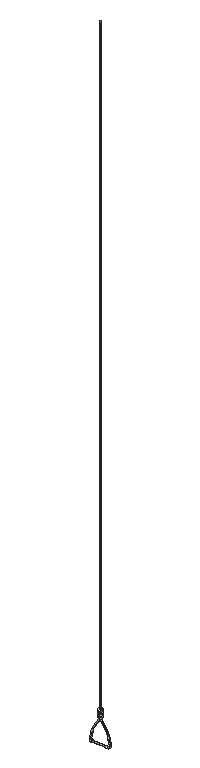
Revit family "Wire-HunterDouglas-Natura-Plank_and_Tile", category Specialty Equipment, Revit 2013
Parameters (values of type "Parametric")
  Wire Hanger = Metal - Aluminum Frame - HunterDouglas - Painted White
  URL = "http://www.hunterdouglascontract.com/ceilings/index.jsp"
  Subcategory = "Natura Wood"  # constant formula
  Product Line = "NaturaPlank_Tile"  # constant formula
  Perforations = "http://www.hunterdouglascontract.com/ceilings/woodwright/naturaplanktile/index.jsp?t=perfPage"
  Model = "NaturaPlank_Tile-Hanger Rod"  # constant formula
  Manufacturer = "Hunter Douglas Luxalon Metal Ceilings"  # constant formula
  Hanger Wire Height [instance] = 3' - 0"
  Description = "Hanger Rod"  # constant formula
  Color Finishes = "http://www.hunterdouglascontract.com/ceilings/woodwright/naturaplanktile/index.jsp?t=colorPage"
  Assembly Code = "C3030200"
  95 CSI = "09510"  # constant formula
  04 CSI = "09 51 00"  # constant formula
Reference planes (in)
  plane 1 "Center (Front/Back)": y = 0
  plane 2: z = 0
  plane 3 "Center (Left/Right)": x = 0
  plane 4: x = -0.77248
  plane 5: x = 0.77248
  plane 6: z = 2.4375
  plane 7: z = 2.5
  plane 8: z = 36
  plane 9: through (0, 0, 48) normal (0.7071, -0.7071, 0)
  plane 10: through (0, 0, 48) normal (0.7071, 0.7071, 0)
Dimensions and locks (in)
  equal spacing: plane 4, plane 3 "Center (Left/Right)", plane 5
  plane 4 to plane 5 = 0' - 1.54495"
  locked: plane 6 to plane 7 at 0.0625
  locked: plane 6 to level at 2.4375
  "Hanger Wire Height": plane 8 to level
  aligned and locked: level to plane 2
  aligned and locked: plane 1 "Center (Front/Back)" to nested 1
  aligned and locked: plane 3 "Center (Left/Right)" to nested 1
  aligned and locked: plane 6 to nested 1
Nested families (in)
  nested 1: "Hanger" at (0, 0, 0), Hanger Wire Height <- "Hanger Wire Height", type "Parametric"
    with Hanger Wire Height 3' - 0"
Definition of nested family "Hanger"
  Parameters (values of type "Parametric")
    URL = "http://www.hunterdouglascontract.com/ceilings/index.jsp"
    Subcategory = "Natura Wood"  # constant formula
    Product Line = "NaturaPlank_Tile"  # constant formula
    Model = "NaturaPlank_Tile-Hanger Rod"  # constant formula
    Material = Metal - Aluminum Frame - HunterDouglas - Painted White
    Manufacturer = "Hunter Douglas Luxalon Metal Ceilings"  # constant formula
    Hanger Wire Height [instance] = 3' - 0"
    Description = "Hanger Rod"  # constant formula
    Assembly Code = "C3030200"
    95 CSI = "09510"  # constant formula
    04 CSI = "09 51 00"  # constant formula
  Reference planes (in)
    plane 1 "Center (Front/Back)": y = 0
    plane 2: z = 0
    plane 3 "Center (Left/Right)": x = 0
    plane 4: x = -0.77248
    plane 5: x = 0.77248
    plane 6: z = 2.4375
    plane 7: z = 2.5
    plane 8: z = 36
    plane 9: through (0, 0, 48) normal (0.7071, -0.7071, 0)
    plane 10: through (0, 0, 48) normal (0.7071, 0.7071, 0)
  Dimensions and locks (in)
    equal spacing: plane 4, plane 3 "Center (Left/Right)", plane 5
    plane 4 to plane 5 = 0' - 1.54495"
    locked: plane 6 to plane 7 at 0.0625
    locked: plane 6 to level at 2.4375
    "Hanger Wire Height": plane 8 to level
    aligned and locked: level to plane 2
    aligned and locked: plane 1 "Center (Front/Back)" to nested 1
    aligned and locked: plane 6 to nested 1
    aligned and locked: plane 3 "Center (Left/Right)" to nested 1
  Nested families (in)
    nested 1: "Hanger" at (0, 0, 0), type "Parametric"
  Definition of nested family "Hanger"
    Parameters (values of type "Parametric")
      URL = "http://www.hunterdouglascontract.com/ceilings/index.jsp"
      Subcategory = "Natura Wood"  # constant formula
      Product Line = "NaturaPlank_Tile"  # constant formula
      Model = "NaturaPlank_Tile-Hanger Rod"  # constant formula
      Material = Metal - Aluminum Frame - HunterDouglas - Painted White
      Manufacturer = "Hunter Douglas Luxalon Metal Ceilings"  # constant formula
      HangerWire Length = 3' - 0"
      Description = "Hanger Rod"  # constant formula
      Assembly Code = "C3030200"
      95 CSI = "09510"  # constant formula
      04 CSI = "09 51 00"  # constant formula
    Reference planes (in)
      plane 1 "Center (Front/Back)": y = 0
      plane 2: z = 0
      plane 3 "Center (Left/Right)": x = 0
      plane 4: x = -0.77248
      plane 5: x = 0.77248
      plane 6: z = 2.4375
      plane 7: z = 2.5
      plane 8: z = 36
      plane 9: through (0, 0, 48) normal (0.7071, -0.7071, 0)
      plane 10: through (0, 0, 48) normal (0.7071, 0.7071, 0)
    Forms (in)
      Sweep 1, solid, material "Metal - Aluminum Frame - HunterDouglas - Painted White" <- "Material", detail levels fine
        path origin (0, 0, 0) x (1, 0, 0) y (0, 0, 1)
          loop
            line (0.03125, 36) -> (0.03125, 3.70793) -> (0.38236, 3.14135)
            arc (0.38236, 3.14135) -> (0.44435, 3.01623) -> (0.48166, 2.88166) r 0.73777
            line (0.48166, 2.88166) -> (0.5376, 2.56649)
            arc (0.5376, 2.56649) -> (0.51364, 2.47677) -> (0.42949, 2.4375) r 0.1098
            line (0.42949, 2.4375) -> (-0.42976, 2.4375)
            arc (-0.42976, 2.4375) -> (-0.51374, 2.47669) -> (-0.53765, 2.56622) r 0.10957
            line (-0.53765, 2.56622) -> (-0.48246, 2.87715)
            arc (-0.48246, 2.87715) -> (-0.44395, 3.01607) -> (-0.37995, 3.14524) r 0.76163
            line (-0.37995, 3.14524) -> (-0.0384, 3.69638)
        profile origin (-0.00014, 0, 2.4375) x (0, 0, -1) y (0, -1, 0)
          loop
            circle (-0.03125, 0) r 0.03125
      Revolve 2, solid, material "Metal - Aluminum Frame - HunterDouglas - Painted White" <- "Material", detail levels fine
        sketch origin (-1.10243, 0, 0.17393) x (0.947216, 0, -0.320596) y (0.320596, 0, 0.947216)
          loop
            line (-0.19925, 4.08974) -> (-0.26999, 4.08974)
            arc (-0.26999, 4.08974) -> (-0.30124, 4.05849) -> (-0.26999, 4.02724) r 0.03125
            line (-0.26999, 4.02724) -> (-0.19925, 4.02724) -> (-0.19925, 4.08974)
          axis (-0.19925, 4.02724) -> (-0.19925, 4.08974)
        angle from 0 to 360
      Revolve 3, solid, material "Metal - Aluminum Frame - HunterDouglas - Painted White" <- "Material", detail levels fine
        sketch origin (-1.10243, 0, 0.1083) x (0.947216, 0, -0.320596) y (0.320596, 0, 0.947216)
          loop
            line (-0.19925, 4.08974) -> (-0.26999, 4.08974)
            arc (-0.26999, 4.08974) -> (-0.30124, 4.05849) -> (-0.26999, 4.02724) r 0.03125
            line (-0.26999, 4.02724) -> (-0.19925, 4.02724) -> (-0.19925, 4.08974)
          axis (-0.19925, 4.02724) -> (-0.19925, 4.08974)
        angle from 0 to 360
      Revolve 4, solid, material "Metal - Aluminum Frame - HunterDouglas - Painted White" <- "Material", detail levels fine
        sketch origin (-1.10243, 0, 0.04197) x (0.947216, 0, -0.320596) y (0.320596, 0, 0.947216)
          loop
            line (-0.19925, 4.08974) -> (-0.26999, 4.08974)
            arc (-0.26999, 4.08974) -> (-0.30124, 4.05849) -> (-0.26999, 4.02724) r 0.03125
            line (-0.26999, 4.02724) -> (-0.19925, 4.02724) -> (-0.19925, 4.08974)
          axis (-0.19925, 4.02724) -> (-0.19925, 4.08974)
        angle from 0 to 360
      Revolve 5, solid, material "Metal - Aluminum Frame - HunterDouglas - Painted White" <- "Material", detail levels fine
        sketch origin (-1.10243, 0, -0.02402) x (0.947216, 0, -0.320596) y (0.320596, 0, 0.947216)
          loop
            line (-0.19925, 4.08974) -> (-0.26999, 4.08974)
            arc (-0.26999, 4.08974) -> (-0.30124, 4.05849) -> (-0.26999, 4.02724) r 0.03125
            line (-0.26999, 4.02724) -> (-0.19925, 4.02724) -> (-0.19925, 4.08974)
          axis (-0.19925, 4.02724) -> (-0.19925, 4.08974)
        angle from 0 to 360
      Revolve 6, solid, material "Metal - Aluminum Frame - HunterDouglas - Painted White" <- "Material", detail levels fine
        sketch origin (-1.10243, 0, -0.09) x (0.947216, 0, -0.320596) y (0.320596, 0, 0.947216)
          loop
            line (-0.19925, 4.08974) -> (-0.26999, 4.08974)
            arc (-0.26999, 4.08974) -> (-0.30124, 4.05849) -> (-0.26999, 4.02724) r 0.03125
            line (-0.26999, 4.02724) -> (-0.19925, 4.02724) -> (-0.19925, 4.08974)
          axis (-0.19925, 4.02724) -> (-0.19925, 4.08974)
        angle from 0 to 360
      Revolve 7, solid, material "Metal - Aluminum Frame - HunterDouglas - Painted White" <- "Material", detail levels fine
        sketch origin (-1.10243, 0, -0.15751) x (0.947216, 0, -0.320596) y (0.320596, 0, 0.947216)
          loop
            line (-0.19925, 4.08974) -> (-0.26999, 4.08974)
            arc (-0.26999, 4.08974) -> (-0.30124, 4.05849) -> (-0.26999, 4.02724) r 0.03125
            line (-0.26999, 4.02724) -> (-0.19925, 4.02724) -> (-0.19925, 4.08974)
          axis (-0.19925, 4.02724) -> (-0.19925, 4.08974)
        angle from 0 to 360
    Cuts and joins
      joined: Sweep 1, Revolve 3, Revolve 5, Revolve 7
    Lines and regions (in)
      model lines, style "Wire", detail levels coarse+medium
        curve 1: line (0, 0, 36) -> (0, 0, 2.5)
      symbolic lines, style "Wire", detail levels fine
        curve 2: line (-0.50903, 0.03125, 0) -> (-0.08588, 0.03125, 0)
        curve 3: line (0.50903, -0.03126, 0) -> (0.10541, -0.03126, 0)
        curve 4: arc (0.50903, 0.03125, 0) -> (0.54029, 0, 0) -> (0.50903, -0.03126, 0) r 0.03125
        curve 5: arc (-0.50903, 0.03125, 0) -> (-0.54029, 0, 0) -> (-0.50903, -0.03126, 0) r 0.03125
        curve 6: circle (0.00977, 0, 0) r 0.10062 normal (0, 0, 1)
        curve 7: circle (0, 0, 0) r 0.03125 normal (0, 0, 1)
        curve 8: line (0.10541, 0.03125, 0) -> (0.50903, 0.03125, 0)
        curve 9: line (-0.08587, -0.03126, 0) -> (-0.50903, -0.03126, 0)
        curve 43: line (-0.03122, 0, 36) -> (0.03122, 0, 36)
        curve 44: line (0.03122, 0, 36) -> (0.03122, 0, 4.1081)
        curve 45: line (-0.04684, 0, 4.13498) -> (0.08788, 0, 4.08859)
        curve 46: line (-0.07537, 0, 4.07858) -> (0.06749, 0, 4.02939)
        curve 47: arc (0.08788, 0, 4.08859) -> (0.10729, 0, 4.0488) -> (0.06749, 0, 4.02939) r 0.03131
        curve 48: arc (-0.04684, 0, 4.13498) -> (-0.08569, 0, 4.11922) -> (-0.07537, 0, 4.07858) r 0.0319
        curve 49: arc (0.08788, 0, 4.02237) -> (0.10784, 0, 3.98437) -> (0.0711, 0, 3.96216) r 0.03131
        curve 50: arc (-0.04684, 0, 4.06876) -> (-0.08551, 0, 4.05335) -> (-0.07602, 0, 4.01282) r 0.0319
        curve 51: line (-0.07602, 0, 4.01282) -> (0.0711, 0, 3.96216)
        curve 52: arc (0.08788, 0, 3.95615) -> (0.10784, 0, 3.91815) -> (0.0711, 0, 3.89594) r 0.03131
        curve 53: arc (-0.04684, 0, 4.00254) -> (-0.08551, 0, 3.98713) -> (-0.07602, 0, 3.9466) r 0.0319
        curve 54: line (-0.07602, 0, 3.9466) -> (0.0711, 0, 3.89594)
        curve 55: arc (0.08788, 0, 3.88993) -> (0.10784, 0, 3.85193) -> (0.0711, 0, 3.82972) r 0.03131
        curve 56: arc (-0.04684, 0, 3.93632) -> (-0.08551, 0, 3.92091) -> (-0.07602, 0, 3.88038) r 0.0319
        curve 57: line (-0.07602, 0, 3.88038) -> (0.0711, 0, 3.82972)
        curve 58: arc (0.08788, 0, 3.82371) -> (0.10784, 0, 3.78571) -> (0.0711, 0, 3.7635) r 0.03131
        curve 59: arc (-0.04684, 0, 3.8701) -> (-0.08551, 0, 3.85469) -> (-0.07602, 0, 3.81416) r 0.0319
        curve 60: line (-0.07602, 0, 3.81416) -> (0.0711, 0, 3.7635)
        curve 61: arc (0.08788, 0, 3.75749) -> (0.10784, 0, 3.71949) -> (0.0711, 0, 3.69728) r 0.03131
        curve 62: arc (-0.04684, 0, 3.80388) -> (-0.08551, 0, 3.78847) -> (-0.07602, 0, 3.74794) r 0.0319
        curve 63: line (-0.07602, 0, 3.74794) -> (0.0711, 0, 3.69728)
        curve 64: line (-0.0384, 0, 3.69638) -> (-0.37724, 0, 3.14961)
        curve 65: line (-0.53854, 0, 2.57083) -> (-0.47845, 0, 2.89346)
        curve 66: arc (-0.47845, 0, 2.89346) -> (-0.43931, 0, 3.02606) -> (-0.37724, 0, 3.14961) r 0.77561
        curve 67: arc (-0.53854, 0, 2.57083) -> (-0.5193, 0, 2.48393) -> (-0.44337, 0, 2.4375) r 0.11373
        curve 68: line (0.08629, 0, 3.61911) -> (-0.0384, 0, 3.69638)
        curve 69: spline (-0.02925, 0, 3.69071) -> (-0.02601, 0, 3.69164) -> (-0.02149, 0, 3.69294) -> (-0.01593, 0, 3.69453) -> (-0.00958, 0, 3.69634) -> (-0.00276, 0, 3.69828) -> (0.00419, 0, 3.70026) -> (0.01093, 0, 3.70218) -> (0.01714, 0, 3.70394) -> (0.02251, 0, 3.70547) -> (0.02678, 0, 3.70667) -> (0.02974, 0, 3.70751) -> (0.03125, 0, 3.70793)
        curve 70: line (0, 0, 3.6397) -> (-0.32412, 0, 3.11669)
        curve 71: arc (-0.41709, 0, 2.88159) -> (-0.3811, 0, 3.00329) -> (-0.32412, 0, 3.11669) r 0.71311
        curve 72: line (-0.4771, 0, 2.55939) -> (-0.41709, 0, 2.88159)
        curve 73: arc (-0.4771, 0, 2.55939) -> (-0.46843, 0, 2.52024) -> (-0.43423, 0, 2.49933) r 0.05123
        curve 74: line (0.03122, 0, 36) -> (-0.03122, 0, 36)
        curve 75: line (-0.03122, 0, 36) -> (-0.03122, 0, 4.1296)
        curve 76: line (0.02882, 0, 3.71184) -> (0.37724, 0, 3.14961)
        curve 77: line (0.53854, 0, 2.57083) -> (0.47845, 0, 2.89346)
        curve 78: arc (0.47845, 0, 2.89346) -> (0.43931, 0, 3.02606) -> (0.37724, 0, 3.14961) r 0.77561
        curve 79: arc (0.53854, 0, 2.57083) -> (0.5193, 0, 2.48393) -> (0.44337, 0, 2.4375) r 0.11373
        curve 80: arc (0.4771, 0, 2.55939) -> (0.46843, 0, 2.52024) -> (0.43423, 0, 2.49933) r 0.05123
        curve 81: line (0.4771, 0, 2.55939) -> (0.41709, 0, 2.88159)
        curve 82: arc (0.41709, 0, 2.88159) -> (0.3811, 0, 3.00329) -> (0.32412, 0, 3.11669) r 0.71311
        curve 83: line (0, 0, 3.6397) -> (0.32412, 0, 3.11669)
        curve 84: line (-0.43423, 0, 2.49933) -> (0.43423, 0, 2.49933)
        curve 85: line (0.44337, 0, 2.4375) -> (-0.44337, 0, 2.4375)
        curve 86: line (-0.03122, 0, 3.73252) -> (-0.03122, 0, 3.69194)
      symbolic lines, style "Wire"
        curve 10: line (0, 0.03125, 36) -> (0, -0.03125, 36)
        curve 11: line (0, 0.03125, 2.46831) -> (0, 0.03125, 3.69854)
        curve 12: line (0, -0.03125, 36) -> (0, -0.03125, 4.05165)
        curve 13: arc (0, -0.08474, 4.0503) -> (0, -0.10167, 4.01557) -> (0, -0.08145, 3.98266) r 0.04011
        curve 14: arc (0, -0.08145, 3.98266) -> (0, -0.04212, 3.96692) -> (0, 0, 3.96236) r 0.15569
        curve 15: arc (0, 0.08474, 4.0503) -> (0, 0.10167, 4.01557) -> (0, 0.08145, 3.98266) r 0.04011
        curve 16: arc (0, 0.08145, 3.98266) -> (0, 0.04212, 3.96692) -> (0, 0, 3.96236) r 0.15569
        curve 17: arc (0, 0.03125, 4.05165) -> (0, 0, 4.04216) -> (0, -0.03125, 4.05165) r 0.05621
        curve 18: arc (0, -0.08169, 3.9828) -> (0, -0.10172, 3.94794) -> (0, -0.08145, 3.91321) r 0.04011
        curve 19: arc (0, -0.08145, 3.91321) -> (0, -0.04212, 3.89747) -> (0, 0, 3.89291) r 0.15569
        curve 20: arc (0, 0.08169, 3.9828) -> (0, 0.10172, 3.94794) -> (0, 0.08145, 3.91321) r 0.04011
        curve 21: arc (0, 0.08145, 3.91321) -> (0, 0.04212, 3.89747) -> (0, 0, 3.89291) r 0.15569
        curve 22: arc (0, -0.08474, 3.91531) -> (0, -0.10167, 3.88058) -> (0, -0.08145, 3.84767) r 0.04011
        curve 23: arc (0, -0.08145, 3.84767) -> (0, -0.04212, 3.83193) -> (0, 0, 3.82736) r 0.15569
        curve 24: arc (0, 0.08474, 3.91531) -> (0, 0.10167, 3.88058) -> (0, 0.08145, 3.84767) r 0.04011
        curve 25: arc (0, 0.08145, 3.84767) -> (0, 0.04212, 3.83193) -> (0, 0, 3.82736) r 0.15569
        curve 26: arc (0, -0.08474, 3.84977) -> (0, -0.10167, 3.81504) -> (0, -0.08145, 3.78213) r 0.04011
        curve 27: arc (0, -0.08145, 3.78213) -> (0, -0.04212, 3.76638) -> (0, 0, 3.76182) r 0.15569
        curve 28: arc (0, 0.08474, 3.84977) -> (0, 0.10167, 3.81504) -> (0, 0.08145, 3.78213) r 0.04011
        curve 29: arc (0, 0.08145, 3.78213) -> (0, 0.04212, 3.76638) -> (0, 0, 3.76182) r 0.15569
        curve 30: arc (0, -0.08474, 3.78422) -> (0, -0.10167, 3.7495) -> (0, -0.08145, 3.71659) r 0.04011
        curve 31: arc (0, -0.08145, 3.71659) -> (0, -0.04212, 3.70084) -> (0, 0, 3.69628) r 0.15569
        curve 32: arc (0, 0.08474, 3.78422) -> (0, 0.10167, 3.7495) -> (0, 0.08145, 3.71659) r 0.04011
        curve 33: arc (0, 0.08145, 3.71659) -> (0, 0.04212, 3.70084) -> (0, 0, 3.69628) r 0.15569
        curve 34: line (0, 0.03125, 4.05165) -> (0, 0.03125, 36)
        curve 35: line (0, -0.03125, 3.69854) -> (0, -0.03125, 2.46831)
        curve 36: arc (0, -0.03125, 2.46831) -> (0, 0, 2.43706) -> (0, 0.03125, 2.46831) r 0.03125
        curve 37: arc (0, -0.08474, 4.11584) -> (0, -0.10167, 4.08112) -> (0, -0.08145, 4.0482) r 0.04011
        curve 38: arc (0, -0.08145, 4.0482) -> (0, -0.04212, 4.03246) -> (0, 0, 4.0279) r 0.15569
        curve 39: arc (0, 0.08474, 4.11584) -> (0, 0.10167, 4.08112) -> (0, 0.08145, 4.0482) r 0.04011
        curve 40: arc (0, 0.08145, 4.0482) -> (0, 0.04212, 4.03246) -> (0, 0, 4.0279) r 0.15569
        curve 41: arc (0, -0.08474, 4.11584) -> (0, -0.05931, 4.12919) -> (0, -0.03125, 4.13531) r 0.10721
        curve 42: arc (0, 0.08474, 4.11584) -> (0, 0.05931, 4.12919) -> (0, 0.03125, 4.13531) r 0.10721
    Dimensions and locks (in)
      equal spacing: plane 4, plane 3 "Center (Left/Right)", plane 5
      plane 4 to plane 5 = 0' - 1.54495"
      locked: plane 6 to plane 7 at 0.0625
      locked: plane 6 to level at 2.4375
      "HangerWire Length": plane 8 to level
      aligned and locked: level to plane 2
      aligned and locked: Sweep 1 sketch curve to plane 6
      aligned and locked: plane 8 to Sweep 1 sketch curve
      aligned and locked: curve 1 to plane 3 "Center (Left/Right)"
      aligned and locked: plane 7 to curve 1
      aligned and locked: plane 8 to curve 1
      aligned and locked: curve 7 to cut or joined group of Sweep 1, Revolve 3, Revolve 5, Revolve 7
      aligned and locked: curve 68 to cut or joined group of Sweep 1, Revolve 3, Revolve 5, Revolve 7
    Automatic sketch dimensions
      Sweep 1 sketch curve to plane 1 "Center (Front/Back)" = 0' - 0"
      profile plane to Sweep 1 sketch curve = 0' - 0 1/32"
      Revolve 2 sketch curve to plane 3 "Center (Left/Right)" = 0' - 0.06706"
      Revolve 2 sketch curve to Revolve 2 sketch curve = 0' - 0.07074"
      Revolve 2 sketch curve to Revolve 2 sketch curve = 0' - 0"  (x2)
      Revolve 2 sketch curve to Revolve 2 sketch curve = 0' - 0 1/32"
      Revolve 2 sketch curve to Revolve 2 sketch curve = 0' - 0.02781"
      Revolve 3 sketch curve to plane 3 "Center (Left/Right)" = 0' - 0.06706"
      Revolve 3 sketch curve to Revolve 3 sketch curve = 0' - 0.07074"
      Revolve 3 sketch curve to Revolve 3 sketch curve = 0' - 0"  (x2)
      Revolve 3 sketch curve to Revolve 3 sketch curve = 0' - 0 1/32"
      Revolve 3 sketch curve to Revolve 3 sketch curve = 0' - 0.02781"
      Revolve 4 sketch curve to plane 3 "Center (Left/Right)" = 0' - 0.06706"
      Revolve 4 sketch curve to Revolve 4 sketch curve = 0' - 0.07074"
      Revolve 4 sketch curve to Revolve 4 sketch curve = 0' - 0"  (x2)
      Revolve 4 sketch curve to Revolve 4 sketch curve = 0' - 0 1/32"
      Revolve 4 sketch curve to Revolve 4 sketch curve = 0' - 0.02781"
      Revolve 5 sketch curve to plane 3 "Center (Left/Right)" = 0' - 0.06706"
      Revolve 5 sketch curve to Revolve 5 sketch curve = 0' - 0.07074"
      Revolve 5 sketch curve to Revolve 5 sketch curve = 0' - 0"  (x2)
      Revolve 5 sketch curve to Revolve 5 sketch curve = 0' - 0 1/32"
      Revolve 5 sketch curve to Revolve 5 sketch curve = 0' - 0.02781"
      Revolve 6 sketch curve to plane 3 "Center (Left/Right)" = 0' - 0.06706"
      Revolve 6 sketch curve to Revolve 6 sketch curve = 0' - 0.07074"
      Revolve 6 sketch curve to Revolve 6 sketch curve = 0' - 0"  (x2)
      Revolve 6 sketch curve to Revolve 6 sketch curve = 0' - 0 1/32"
      Revolve 6 sketch curve to Revolve 6 sketch curve = 0' - 0.02781"
      Revolve 7 sketch curve to plane 3 "Center (Left/Right)" = 0' - 0.06706"
      Revolve 7 sketch curve to Revolve 7 sketch curve = 0' - 0.07074"
      Revolve 7 sketch curve to Revolve 7 sketch curve = 0' - 0"  (x2)
      Revolve 7 sketch curve to Revolve 7 sketch curve = 0' - 0 1/32"
      Revolve 7 sketch curve to Revolve 7 sketch curve = 0' - 0.02781"
      plane 7 to Sweep 1 sketch curve = 0' - 0.06622"
      Sweep 1 sketch curve to plane 4 = 0' - 0.23483"
      Sweep 1 sketch curve to plane 4 = 0' - 0.29002"
      Sweep 1 sketch curve to Sweep 1 sketch curve = 0' - 0.10788"
      Sweep 1 sketch curve to Sweep 1 sketch curve = 0' - 0.10251"
      Sweep 1 sketch curve to plane 3 "Center (Left/Right)" = 0' - 0.24476"
      Sweep 1 sketch curve to plane 3 "Center (Left/Right)" = 0' - 0.0384"
      plane 3 "Center (Left/Right)" to Sweep 1 sketch curve = 0' - 0 1/32"
      plane 3 "Center (Left/Right)" to Sweep 1 sketch curve = 0' - 0.26745"
      plane 3 "Center (Left/Right)" to Sweep 1 sketch curve = 0' - 0.38236"
      Sweep 1 sketch curve to plane 5 = 0' - 0.34298"
      Sweep 1 sketch curve to Sweep 1 sketch curve = 0' - 0.21421"
      plane 7 to Sweep 1 sketch curve = 0' - 0.06649"
      Sweep 1 sketch curve to Sweep 1 sketch curve = 0' - 0.10811"
      plane 7 to Sweep 1 sketch curve = 0' - 0.24405"
      plane 7 to Sweep 1 sketch curve = 0' - 0.25273"
      Sweep 1 sketch curve to Sweep 1 sketch curve = 0' - 0.12442"
      Sweep 1 sketch curve to Sweep 1 sketch curve = 0' - 0.13761"
      Sweep 1 sketch curve to Sweep 1 sketch curve = 0' - 0.55114"
      Sweep 1 sketch curve to Sweep 1 sketch curve = 0' - 0.01154"
      plane 7 to Revolve 2 sketch curve = 0' - 1.57516"
      plane 7 to Revolve 3 sketch curve = 0' - 1.50953"
      plane 7 to Revolve 4 sketch curve = 0' - 1.44319"
      plane 7 to Revolve 5 sketch curve = 0' - 1.37721"
      plane 7 to Revolve 6 sketch curve = 0' - 1.31123"
      plane 7 to Revolve 7 sketch curve = 0' - 1.24371"
      plane 1 "Center (Front/Back)" to curve 6 = 0' - 0"
      curve 2 to plane 1 "Center (Front/Back)" = 0' - 0 1/32"
      curve 2 to plane 4 = 0' - 0.26344"
      plane 3 "Center (Left/Right)" to curve 6 = 0' - 0.00977"
      plane 1 "Center (Front/Back)" to curve 3 = 0' - 0 1/32"
      curve 3 to plane 5 = 0' - 0.26344"
      plane 3 "Center (Left/Right)" to curve 8 = 0' - 0.10541"
      plane 1 "Center (Front/Back)" to curve 4 = 0' - 0"
      plane 1 "Center (Front/Back)" to curve 5 = 0' - 0 1/32"
      curve 12 to plane 8 = 0' - 0"
      curve 17 to plane 1 "Center (Front/Back)" = 0' - 0"
      curve 25 to plane 1 "Center (Front/Back)" = 0' - 0"
      curve 21 to plane 1 "Center (Front/Back)" = 0' - 0"
      curve 33 to plane 1 "Center (Front/Back)" = 0' - 0"
      curve 38 to plane 1 "Center (Front/Back)" = 0' - 0"
      curve 36 to plane 1 "Center (Front/Back)" = 0' - 0"
      curve 14 to plane 1 "Center (Front/Back)" = 0' - 0"
      curve 27 to plane 1 "Center (Front/Back)" = 0' - 0"
      plane 1 "Center (Front/Back)" to curve 19 = 0' - 0.00445"
      plane 1 "Center (Front/Back)" to curve 23 = 0' - 0.00445"
      plane 1 "Center (Front/Back)" to curve 14 = 0' - 0.00445"
      plane 1 "Center (Front/Back)" to curve 27 = 0' - 0.00445"
      plane 1 "Center (Front/Back)" to curve 38 = 0' - 0.00445"
      plane 1 "Center (Front/Back)" to curve 31 = 0' - 0.00445"
      plane 1 "Center (Front/Back)" to curve 41 = 0' - 0.02264"
      plane 1 "Center (Front/Back)" to curve 10 = 0' - 0 1/32"
      curve 36 to curve 36 = 0' - 0 1/32"
      curve 30 to curve 35 = 0' - 0.03036"
      plane 1 "Center (Front/Back)" to curve 26 = 0' - 0.06161"
      curve 13 to curve 41 = 0' - 0.03896"
      plane 1 "Center (Front/Back)" to curve 22 = 0' - 0.06161"
      curve 27 to curve 30 = 0' - 0.01984"
      curve 18 to curve 22 = 0' - 0.01984"
      curve 30 to curve 30 = 0' - 0.01984"
      curve 26 to curve 27 = 0' - 0"
      curve 38 to curve 13 = 0' - 0.01984"
      curve 37 to curve 38 = 0' - 0"
      curve 19 to curve 18 = 0' - 0"
      curve 31 to curve 30 = 0' - 0"
      curve 22 to curve 26 = 0' - 0.01984"
      curve 13 to curve 18 = 0' - 0.01984"
      curve 14 to curve 13 = 0' - 0"
      curve 23 to curve 22 = 0' - 0"
      curve 18 to curve 13 = 0' - 0.00025"
      curve 30 to curve 26 = 0' - 0.0033"
      curve 13 to curve 38 = 0' - 0.0033"
      curve 22 to curve 19 = 0' - 0.0033"
      curve 41 to curve 37 = 0' - 0.02313"
      curve 26 to curve 22 = 0' - 0.0033"
      curve 25 to plane 1 "Center (Front/Back)" = 0' - 0.00445"
      curve 29 to plane 1 "Center (Front/Back)" = 0' - 0.00445"
      curve 40 to plane 1 "Center (Front/Back)" = 0' - 0.00445"
      curve 16 to plane 1 "Center (Front/Back)" = 0' - 0.00445"
      curve 33 to plane 1 "Center (Front/Back)" = 0' - 0.00445"
      curve 21 to plane 1 "Center (Front/Back)" = 0' - 0.00445"
      curve 42 to plane 1 "Center (Front/Back)" = 0' - 0.02264"
      curve 10 to plane 1 "Center (Front/Back)" = 0' - 0 1/32"
      curve 24 to plane 1 "Center (Front/Back)" = 0' - 0.06161"
      curve 42 to curve 15 = 0' - 0.03896"
      curve 11 to curve 32 = 0' - 0.03036"
      curve 28 to plane 1 "Center (Front/Back)" = 0' - 0.06161"
      curve 20 to curve 16 = 0' - 0.01984"
      curve 32 to curve 28 = 0' - 0.01984"
      curve 28 to curve 25 = 0' - 0.01984"
      curve 24 to curve 25 = 0' - 0"
      curve 29 to curve 28 = 0' - 0"
      curve 32 to curve 32 = 0' - 0.01984"
      curve 24 to curve 21 = 0' - 0.01984"
      curve 20 to curve 21 = 0' - 0"
      curve 15 to curve 16 = 0' - 0"
      curve 15 to curve 40 = 0' - 0.01984"
      curve 39 to curve 40 = 0' - 0"
      curve 33 to curve 32 = 0' - 0"
      curve 16 to curve 20 = 0' - 0.00025"
      curve 39 to curve 39 = 0' - 0.02313"
      curve 28 to curve 32 = 0' - 0.0033"
      curve 25 to curve 28 = 0' - 0.0033"
      curve 20 to curve 24 = 0' - 0.0033"
      plane 7 to curve 40 = 0' - 1.68352"
      curve 38 to curve 40 = 0' - 0"
      curve 42 to curve 40 = 0' - 0.04821"
      curve 41 to curve 38 = 0' - 0.04821"
      curve 41 to curve 41 = 0' - 0.01947"
      curve 14 to curve 41 = 0' - 0.01733"
      curve 14 to curve 16 = 0' - 0"
      curve 17 to curve 14 = 0' - 0.01961"
      curve 38 to curve 21 = 0' - 0.02063"
      curve 19 to curve 21 = 0' - 0"
      curve 16 to curve 25 = 0' - 0.02063"
      curve 23 to curve 25 = 0' - 0"
      curve 16 to curve 20 = 0' - 0.00014"
      curve 19 to curve 29 = 0' - 0.02454"
      curve 27 to curve 29 = 0' - 0"
      curve 20 to curve 24 = 0' - 0.00209"
      curve 25 to curve 33 = 0' - 0.02454"
      curve 31 to curve 33 = 0' - 0"
      curve 22 to curve 26 = 0' - 0.00209"
      curve 28 to curve 32 = 0' - 0.00209"
      curve 36 to plane 6 = 0' - 0.03081"
      curve 37 to curve 41 = 0' - 0.05349"
      curve 18 to curve 13 = 0' - 0.02008"
      curve 39 to curve 39 = 0' - 0.01984"
      curve 20 to curve 24 = 0' - 0.02313"
      curve 39 to curve 15 = 0' - 0.0033"
      curve 31 to curve 38 = 0' - 0.33162"
      curve 41 to curve 12 = 0' - 0.0232"
      curve 66 to curve 71 = 0' - 0"  (x2)
      curve 67 to curve 73 = 0' - 0"  (x2)
      curve 78 to curve 82 = 0' - 0"  (x2)
      curve 79 to curve 80 = 0' - 0"  (x2)
      curve 67 to plane 6 = 0' - 0"
      curve 74 to plane 8 = 0' - 0"
      curve 83 to plane 3 "Center (Left/Right)" = 0' - 0"
      curve 69 to plane 3 "Center (Left/Right)" = 0' - 0.02925"
      curve 86 to curve 69 = 0' - 0.00197"
      curve 75 to plane 3 "Center (Left/Right)" = 0' - 0.03122"
      curve 69 to curve 86 = 0' - 0.00021"
      curve 64 to curve 86 = 0' - 0.00718"
      curve 62 to plane 3 "Center (Left/Right)" = 0' - 0.04684"
      curve 48 to curve 75 = 0' - 0 1/64"
      curve 59 to plane 3 "Center (Left/Right)" = 0' - 0.04684"
      curve 53 to plane 3 "Center (Left/Right)" = 0' - 0.04684"
      curve 56 to plane 3 "Center (Left/Right)" = 0' - 0.04684"
      curve 50 to plane 3 "Center (Left/Right)" = 0' - 0.04684"
      curve 59 to curve 59 = 0' - 0.01039"
      curve 50 to curve 50 = 0' - 0.01039"
      curve 48 to curve 48 = 0' - 0.01039"
      curve 62 to curve 62 = 0' - 0.01039"
      curve 56 to curve 56 = 0' - 0.01039"
      curve 53 to curve 53 = 0' - 0.01039"
      curve 46 to curve 50 = 0' - 0.02853"
      curve 59 to curve 62 = 0' - 0.02918"
      curve 54 to curve 56 = 0' - 0.02918"
      curve 63 to curve 62 = 0' - 0.01879"
      curve 56 to curve 59 = 0' - 0.02918"
      curve 50 to curve 53 = 0' - 0.02918"
      curve 70 to plane 3 "Center (Left/Right)" = 0' - 0.32412"
      curve 64 to curve 71 = 0' - 0.05313"
      curve 71 to curve 78 = 0' - 0.13505"
      plane 7 to curve 73 = 0' - 0.05001"
      curve 73 to curve 78 = 0' - 0.14469"
      curve 73 to plane 7 = 0' - 0.00067"
      curve 73 to curve 67 = 0' - 0.0075"
      curve 85 to curve 84 = 0' - 0.00915"
      curve 73 to curve 67 = 0' - 0.05037"
      curve 65 to curve 71 = 0' - 0.06136"
      plane 7 to curve 65 = 0' - 0.07083"
      plane 3 "Center (Left/Right)" to curve 69 = 0' - 0"
      plane 3 "Center (Left/Right)" to curve 76 = 0' - 0.02882"
      plane 3 "Center (Left/Right)" to curve 43 = 0' - 0.03122"
      curve 76 to curve 69 = 0' - 0.00243"
      plane 3 "Center (Left/Right)" to curve 47 = 0' - 0.06749"
      curve 69 to curve 63 = 0' - 0.03985"
      curve 58 to curve 63 = 0' - 0"
      curve 47 to curve 49 = 0' - 0.00361"
      curve 55 to curve 60 = 0' - 0"
      curve 51 to curve 54 = 0' - 0"
      curve 63 to curve 61 = 0' - 0.00658"
      curve 57 to curve 55 = 0' - 0.00658"
      curve 46 to curve 47 = 0' - 0.01019"
      curve 49 to curve 49 = 0' - 0.00658"
      curve 60 to curve 58 = 0' - 0.00658"
      curve 54 to curve 52 = 0' - 0.00658"
      curve 61 to curve 68 = 0' - 0.01519"
      curve 47 to curve 49 = 0' - 0.02038"
      curve 58 to curve 61 = 0' - 0.01678"
      curve 51 to curve 52 = 0' - 0.01678"
      curve 55 to curve 58 = 0' - 0.01678"
      curve 47 to curve 47 = 0' - 0.01019"
      curve 52 to curve 55 = 0' - 0.01678"
      plane 3 "Center (Left/Right)" to curve 71 = 0' - 0.28204"
      plane 3 "Center (Left/Right)" to curve 83 = 0' - 0.32412"
      curve 83 to curve 76 = 0' - 0.05313"
      curve 66 to curve 81 = 0' - 0.13505"
      plane 7 to curve 80 = 0' - 0.05001"
      curve 66 to curve 80 = 0' - 0.14469"
      curve 79 to curve 80 = 0' - 0.0075"
      curve 84 to curve 79 = 0' - 0.00915"
      curve 79 to curve 80 = 0' - 0.05037"
      curve 81 to curve 78 = 0' - 0.06136"
      curve 80 to curve 79 = 0' - 0.06144"
      curve 79 to curve 71 = 0' - 0.19104"
      curve 67 to curve 82 = 0' - 0.19104"
      curve 66 to curve 81 = 0' - 0.14054"
      curve 71 to curve 65 = 0' - 0.01187"
      curve 81 to curve 78 = 0' - 0.01187"
      curve 83 to curve 69 = 0' - 0.05101"
      curve 69 to curve 86 = 0' - 0.00186"
      curve 63 to curve 69 = 0' - 0.01064"
      curve 63 to curve 61 = 0' - 0.03061"
      curve 64 to curve 86 = 0' - 0.03613"
      curve 61 to curve 58 = 0' - 0.00601"
      curve 62 to curve 62 = 0' - 0.02577"
      curve 60 to curve 58 = 0' - 0.03061"
      curve 62 to curve 60 = 0' - 0.01028"
      curve 58 to curve 57 = 0' - 0.00601"
      curve 60 to curve 59 = 0' - 0.02577"
      curve 57 to curve 55 = 0' - 0.03061"
      curve 59 to curve 57 = 0' - 0.01028"
      curve 55 to curve 54 = 0' - 0.00601"
      curve 56 to curve 56 = 0' - 0.02577"
      curve 54 to curve 52 = 0' - 0.03061"
      curve 56 to curve 53 = 0' - 0.01028"
      curve 52 to curve 49 = 0' - 0.00601"
      curve 53 to curve 53 = 0' - 0.02577"
      curve 49 to curve 49 = 0' - 0.03061"
      curve 53 to curve 51 = 0' - 0.01028"
      curve 49 to curve 47 = 0' - 0.00702"
      curve 51 to curve 50 = 0' - 0.02577"
      curve 46 to curve 47 = 0' - 0.0296"
      curve 46 to curve 48 = 0' - 0.02623"
      radius of Sweep 1 sketch curve = 0' - 0 1/32"
